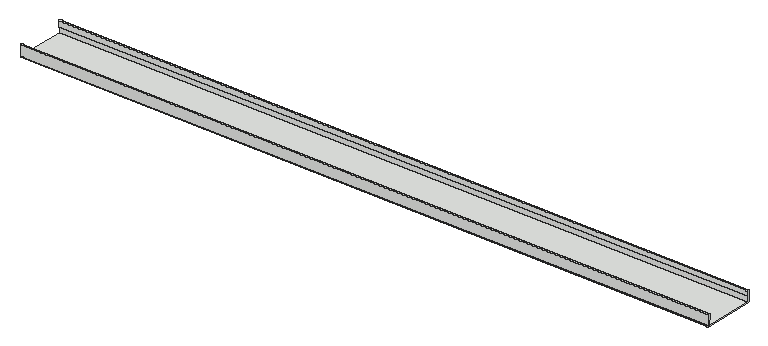
Revit family "profiles PR726 2015", category Generic Models, Revit 2015
Parameters (values of type "ISOLAMIN PR726 flashing")
  Profile Length [instance] = 1180 mm
Reference planes
  plane 1 "Center (Front/Back)": y = 0
  plane 2: z = 0
  plane 3 "Center (Left/Right)": x = 0
  plane 4: x = 1180
Forms (mm)
  Extrusion 1, solid, material "ISOLAMIN Surface Material"
    sketch origin (0, 29.343, -25.781) x (0, 1, 0) y (0, 0, 1)
      loop
        arc (-30.364, 25.86) -> (-29.657, 26.153) -> (-29.364, 26.86) r 1
        line (-29.364, 26.86) -> (-29.364, 45.116)
        arc (-29.364, 45.116) -> (-30.364, 45.86) -> (-31.364, 45.116) r 1.044
        line (-31.364, 45.116) -> (-31.364, 36.56) -> (-30.364, 36.56) -> (-30.364, 26.86) -> (-113.364, 26.86) -> (-113.364, 36.56) -> (-112.364, 36.56) -> (-112.364, 45.116)
        arc (-112.364, 45.116) -> (-113.364, 45.86) -> (-114.364, 45.116) r 1.044
        line (-114.364, 45.116) -> (-114.364, 26.86)
        arc (-114.364, 26.86) -> (-114.071, 26.153) -> (-113.364, 25.86) r 1
        line (-113.364, 25.86) -> (-30.364, 25.86)
    from 0 to 1180
Dimensions and locks
  "Profile Length": plane 3 "Center (Left/Right)" to plane 4
  aligned and locked: level to plane 2
  aligned and locked: plane 4 to Extrusion 1
Automatic sketch dimensions
  plane 1 "Center (Front/Back)" to Extrusion 1 sketch curve = 1.021 mm
  level to Extrusion 1 sketch curve = 1.079 mm
  Extrusion 1 sketch curve to Extrusion 1 sketch curve = 83 mm
  Extrusion 1 sketch curve to Extrusion 1 sketch curve = 0 mm  (x5)
  Extrusion 1 sketch curve to Extrusion 1 sketch curve = 1 mm  (x4)
  Extrusion 1 sketch curve to Extrusion 1 sketch curve = 9.7 mm
  Extrusion 1 sketch curve to Extrusion 1 sketch curve = 8.556 mm  (x2)
  Extrusion 1 sketch curve to Extrusion 1 sketch curve = 0.3 mm  (x2)
  Extrusion 1 sketch curve to Extrusion 1 sketch curve = 18.256 mm
